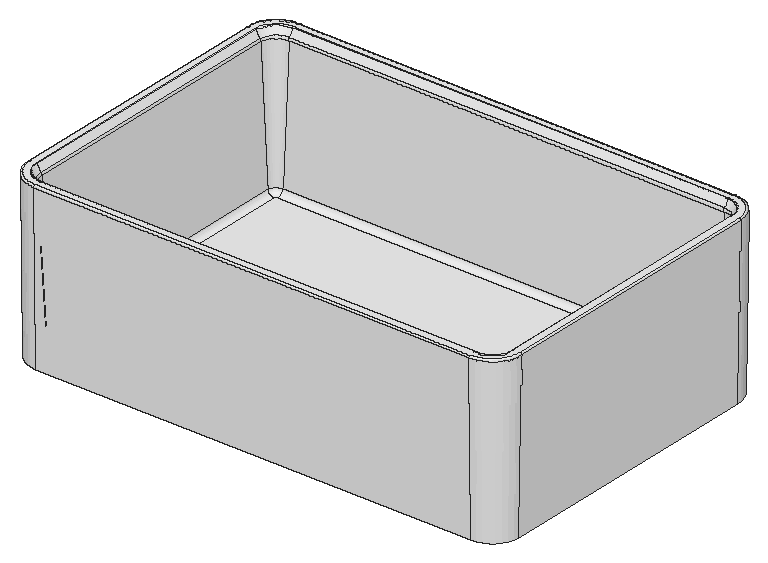
Revit family "Sink-American_Standard-Avery-1180SB3020.291", category Plumbing Fixtures, Revit 2014
Parameters (values of type "1180SB3020.291")
  Width = 29 3/4"  # constant formula
  Waste Connection Width = 6 1/4"
  Waste Connection Radius = Waste Connection Diameter / 2  # 3/4"
  Waste Connection Offset = 6 1/4"  # constant formula
  Waste Connection Diameter = 1 1/2"
  Waste Connection = 1 < 2  # yes
  Warranty Information = "5 Year Limited Warranty, 1 Year Warranty on Accessories"
  WFU = 4  # constant formula
  Vent Connection = no
  Undermount Installation = no
  URL = "https://www.americanstandard-us.com/"
  Type Comments = "33\" (838mm) cabinet required"
  Topmount Installation = not(Undermount Installation)  # yes
  Sink Offset [instance] = 2"
  Product Page URL = ""
  Product Documentation Link = ""
  Price = "Prices may vary. Please consult Manufacturer Representative for most up-to-date price list."  # constant formula
  Mounting Height [instance] = if(Topmount Installation, Counter Thickness + Height, 0")  # 11"
  Model = "1180SB3020.291"
  Material = "Fine Fire Clay-American Standard-291-Alabaster White"
  Manufacturer = "American Standard"  # constant formula
  Length = 20"  # constant formula
  Installation Type = "Dual Mount"  # constant formula
  Hot Water Connection Width = 4"
  Hot Water Connection Radius = Hot Water Connection Diameter / 2  # 1/4"
  Hot Water Connection Diameter = 1/2"
  Height = 10"  # constant formula
  HWFU = 3  # constant formula
  HW Connection = 1 < 2  # yes
  Finish = Fine Fire Clay-American Standard-291-Alabaster White
  Description = "Avery Single Bowl Apron Kitchen Sink"  # constant formula
  Default Elevation = 34"  # constant formula
  Creation Date = "02/06/2019"  # constant formula
  Counter Thickness [instance] = 1"
  Cold Water Connection Width = 4"
  Cold Water Connection Radius = 1/4"
  Cold Water Connection Diameter = Cold Water Connection Radius * 2  # 1/2"
  CWFU = 3  # constant formula
  CW Connection = 1 < 2  # yes
  Bowl Width = 28 3/16"  # constant formula
  Bowl Length = 18 7/16"  # constant formula
  Basin Shape = "Rectangular"  # constant formula
  Assembly Code = "D2010410"
  ADA Compliant = yes
Reference planes (in)
  plane 1 "Center (Front/Back)": y = 0
  plane 2: z = 0
  plane 3 "Center (Left/Right)": x = 0
  plane 4: x = -14.875
  plane 5: x = 14.875
  plane 6: y = -2
  plane 7: z = -1
  plane 8: z = 0
  plane 9 "Here": z = 10
  plane 10: y = -2.78125
  plane 11: x = 8.625
  plane 12: x = -14.09375
  plane 13: x = 14.09375
  plane 14: y = -8.25
  plane 15: z = -12.75
  plane 16: z = -14
  plane 17: x = -4
  plane 18: x = 4
  plane 19: z = 1.25
  plane 20: y = -21.21875
  plane 21: y = -22
  plane 22: y = -12
Forms (in)
  Extrusion 1, solid, not visible
    sketch origin (0, 0, 0) x (1, 0, 0) y (0, 0, 1)
      loop
        circle (-4, -12.75) r 0.25
      loop
        circle (4, -12.75) r 0.25
      loop
        circle (0, -14) r 0.75
    from 0 to 0.0625
  Sweep 2, solid, material "Fine Fire Clay-American Standard-291-Alabaster White" <- "Finish"
    path origin (0, 0, 0) x (1, 0, 0) y (0, 1, 0)
      loop
        arc (-13.125, -2) -> (-14.36244, -2.51256) -> (-14.875, -3.75) r 1.75
        line (-14.875, -3.75) -> (-14.875, -20.25)
        arc (-14.875, -20.25) -> (-14.36244, -21.48744) -> (-13.125, -22) r 1.75
        line (-13.125, -22) -> (13.125, -22)
        arc (13.125, -22) -> (14.36244, -21.48744) -> (14.875, -20.25) r 1.75
        line (14.875, -20.25) -> (14.875, -3.75)
        arc (14.875, -3.75) -> (14.36244, -2.51256) -> (13.125, -2) r 1.75
        line (13.125, -2) -> (-13.125, -2)
    profile origin (-14.875, -12, 0) x (-1, 0, 0) y (0, 0, 1)
      loop
        arc (-0.75547, 9.55647) -> (-0.78699, 9.47946) -> (-0.80076, 9.39739) r 0.375
        line (-0.80076, 9.39739) -> (-1.23014, 1.60437)
        arc (-1.23014, 1.60437) -> (-1.3468, 1.35264) -> (-1.60457, 1.25) r 0.375
        line (-1.60457, 1.25) -> (-1.65619, 1.25) -> (-1.65619, 0) -> (-0.13887, 0) -> (-0.00141, 9.89822)
        arc (-0.00141, 9.89822) -> (-0.03032, 9.9701) -> (-0.10179, 10) r 0.10039
        line (-0.10179, 10) -> (-0.4897, 10)
        arc (-0.4897, 10) -> (-0.51, 9.99443) -> (-0.52461, 9.97929) r 0.03978
        line (-0.52461, 9.97929) -> (-0.75547, 9.55647)
  Extrusion 3, solid, material "Fine Fire Clay-American Standard-291-Alabaster White" <- "Finish"
    sketch origin (0, 0, 0) x (1, 0, 0) y (0, 1, 0)
      loop
        line (-13.125, -20.34381) -> (13.125, -20.34381)
        arc (13.125, -20.34381) -> (13.19134, -20.31634) -> (13.21881, -20.25) r 0.09381
        line (13.21881, -20.25) -> (13.21881, -3.75)
        arc (13.21881, -3.75) -> (13.19134, -3.68366) -> (13.125, -3.65619) r 0.09381
        line (13.125, -3.65619) -> (-13.125, -3.65619)
        arc (-13.125, -3.65619) -> (-13.19134, -3.68366) -> (-13.21881, -3.75) r 0.09381
        line (-13.21881, -3.75) -> (-13.21881, -20.25)
        arc (-13.21881, -20.25) -> (-13.19134, -20.31634) -> (-13.125, -20.34381) r 0.09381
      loop
        circle (8.625, -8.25) r 1.75
    from 0 to 1.25
  Extrusion 4, void
    sketch origin (0, 0, 0) x (1, 0, 0) y (0, 1, 0)
      loop
        arc (-13.30528, -2.78125) -> (-13.86281, -3.01219) -> (-14.09375, -3.56972) r 0.78847
        line (-14.09375, -3.56972) -> (-14.09375, -20.42969)
        arc (-14.09375, -20.42969) -> (-13.86264, -20.98764) -> (-13.30469, -21.21875) r 0.78906
        line (-13.30469, -21.21875) -> (13.30469, -21.21875)
        arc (13.30469, -21.21875) -> (13.86264, -20.98764) -> (14.09375, -20.42969) r 0.78906
        line (14.09375, -20.42969) -> (14.09375, -3.57031)
        arc (14.09375, -3.57031) -> (13.86264, -3.01236) -> (13.30469, -2.78125) r 0.78906
        line (13.30469, -2.78125) -> (-13.30528, -2.78125)
    from -1 to 0
Cuts and joins
  joined: Sweep 2, Extrusion 3
Lines and regions (in)
  Masking region 1
    outline origin (0, 0, 0) x (1, 0, 0) y (0, 1, 0)
      loop
        arc (-13.125, -2) -> (-14.36244, -2.51256) -> (-14.875, -3.75) r 1.75
        line (-14.875, -3.75) -> (-14.875, -20.25)
        arc (-14.875, -20.25) -> (-14.36244, -21.48744) -> (-13.125, -22) r 1.75
        line (-13.125, -22) -> (13.125, -22)
        arc (13.125, -22) -> (14.36244, -21.48744) -> (14.875, -20.25) r 1.75
        line (14.875, -20.25) -> (14.875, -3.75)
        arc (14.875, -3.75) -> (14.36244, -2.51256) -> (13.125, -2) r 1.75
        line (13.125, -2) -> (-13.125, -2)
  symbolic lines, detail levels fine
    curve 1: circle (8.625, -8.25, 0) r 1.75 normal (0, 0, 1)
  symbolic lines, detail levels medium+fine
    curve 2: line (-13.34375, -2.78125, 0) -> (13.34375, -2.78125, 0)
    curve 3: line (-14.09375, -20.46875, 0) -> (-14.09375, -3.53125, 0)
    curve 4: line (13.34375, -21.21875, 0) -> (-13.34375, -21.21875, 0)
    curve 5: line (14.09375, -3.53125, 0) -> (14.09375, -20.46875, 0)
    curve 6: arc (-14.09375, -3.53125, 0) -> (-13.87408, -3.00092, 0) -> (-13.34375, -2.78125, 0) r 0.75
    curve 7: arc (-13.34375, -21.21875, 0) -> (-13.87408, -20.99908, 0) -> (-14.09375, -20.46875, 0) r 0.75
    curve 8: arc (13.34375, -21.21875, 0) -> (13.87408, -20.99908, 0) -> (14.09375, -20.46875, 0) r 0.75
    curve 9: arc (13.34375, -2.78125, 0) -> (13.87408, -3.00092, 0) -> (14.09375, -3.53125, 0) r 0.75
Dimensions and locks (in)
  equal spacing: plane 4, plane 3 "Center (Left/Right)", plane 5
  "Sink Offset": plane 1 "Center (Front/Back)" to plane 6
  "Width": plane 4 to plane 5
  "Counter Thickness": level to plane 7
  "Mounting Height": plane 9 "Here" to plane 7
  "Height": plane 9 "Here" to plane 8
  "Waste Connection Width": plane 11 to plane 5
  "Waste Connection Offset": plane 6 to plane 14
  locked: level to plane 15 at 12.75
  locked: level to plane 16 at 14
  "Hot Water Connection Width": plane 17 to plane 3 "Center (Left/Right)"
  "Cold Water Connection Width": plane 18 to plane 3 "Center (Left/Right)"
  locked: plane 19 to plane 8 at 1.25
  equal spacing: plane 12, plane 3 "Center (Left/Right)", plane 13
  "Bowl Width": plane 12 to plane 13
  equal spacing: plane 6, plane 22, plane 21
  "Length": plane 6 to plane 21
  equal spacing: plane 20, plane 22, plane 10
  "Bowl Length": plane 20 to plane 10
  locked: plane 12 to Sweep 2 sketch curve at 0.01951
  locked: plane 12 to Sweep 2 sketch curve at 0.44889
  "Hot Water Connection Diameter": diameter of Extrusion 1 sketch curve
  "Cold Water Connection Diameter": diameter of Extrusion 1 sketch curve
  "Waste Connection Diameter": diameter of Extrusion 1 sketch curve
  radius of Sweep 2 sketch curve = 1 3/4"  (x4)
  radius of Sweep 2 sketch curve = 0.03978"
  radius of Sweep 2 sketch curve = 0.10039"
  radius of Extrusion 3 sketch curve = 1 3/4"
  radius of Extrusion 4 sketch curve = 0.78847"
  radius of Extrusion 4 sketch curve = 101/128"  (x3)
  radius of Sweep 2 sketch curve = 3/8"  (x2)
  radius of Masking region 1 sketch curve = 1 3/4"  (x4)
  radius of curve 6 = 3/4"
  radius of curve 7 = 3/4"
  radius of curve 8 = 3/4"
  radius of curve 9 = 3/4"
  aligned and locked: plane 15 to Extrusion 1 sketch curve  (x2)
  aligned and locked: Extrusion 1 sketch curve to plane 18
  aligned and locked: plane 17 to Extrusion 1 sketch curve
  aligned and locked: plane 16 to Extrusion 1 sketch curve
  aligned and locked: plane 3 "Center (Left/Right)" to Extrusion 1 sketch curve
  aligned and locked: Sweep 2 sketch curve to plane 6
  aligned and locked: plane 4 to Sweep 2 sketch curve
  aligned and locked: Sweep 2 sketch curve to plane 21
  aligned and locked: plane 5 to Sweep 2 sketch curve
  aligned and locked: Sweep 2 sketch curve to plane 19
  aligned and locked: plane 8 to Sweep 2 sketch curve
  aligned and locked: Sweep 2 sketch curve to plane 9 "Here"
  aligned and locked: Extrusion 3 sketch curve to cut or joined group of Sweep 2, Extrusion 3  (x4)
  aligned and locked: plane 11 to Extrusion 3 sketch curve
  aligned and locked: plane 14 to Extrusion 3 sketch curve
  aligned and locked: Extrusion 3 to plane 19
  aligned and locked: plane 8 to Extrusion 3
  aligned and locked: plane 10 to Extrusion 4 sketch curve
  aligned and locked: Extrusion 4 sketch curve to plane 12
  aligned and locked: Extrusion 4 sketch curve to plane 20
  aligned and locked: Extrusion 4 sketch curve to plane 13
  aligned and locked: plane 7 to Extrusion 4
  aligned and locked: level to Extrusion 4
  aligned and locked: Masking region 1 sketch curve to plane 6
  aligned and locked: plane 4 to Masking region 1 sketch curve
  aligned and locked: Masking region 1 sketch curve to plane 21
  aligned and locked: plane 5 to Masking region 1 sketch curve
  aligned and locked: plane 10 to curve 2
  aligned and locked: curve 3 to plane 12
  aligned and locked: curve 4 to plane 20
  aligned and locked: curve 5 to plane 13
  aligned and locked: curve 1 to cut or joined group of Sweep 2, Extrusion 3
Automatic sketch dimensions
  Sweep 2 sketch curve to Sweep 2 sketch curve = 0.05162"
  Sweep 2 sketch curve to Sweep 2 sketch curve = 0.0453"
  Sweep 2 sketch curve to Sweep 2 sketch curve = 0.23086"
  Sweep 2 sketch curve to Sweep 2 sketch curve = 0.03491"
  Sweep 2 sketch curve to Sweep 2 sketch curve = 0.37443"
  profile plane to Sweep 2 sketch curve = 0.13887"
  profile plane to Sweep 2 sketch curve = 0.10179"
  profile plane to Sweep 2 sketch curve = 0.00141"
  Sweep 2 sketch curve to Sweep 2 sketch curve = 0.35437"
  Sweep 2 sketch curve to Sweep 2 sketch curve = 0.58346"
Connectors (in)
  piping at (-4, 0, -12.75), diameter 0.5, driven by "HWFU", driven by "Hot Water Connection Diameter"
    settings: on Extrusion 1, index 1, connector inside diameter 24", connector length 0", flow factor 0, pipe flow 0 GPM, pressure drop 0.00 psi, fitting loss kfactor 0, connector angle 0.00°, fixture units 3, engagement length 0", angle of deflection 0.00°, flow configuration 3, flow direction 1, fitting loss method 0, system type 19, joint type 0, gender type 0, connector reference index -1, connector utility 0, adjustable connector no, is connector primary yes, connector description "1/2\" HW Inlet"
  piping at (0, 0, -14), diameter 1.5, driven by "WFU", driven by "Waste Connection Diameter"
    settings: on Extrusion 1, index 2, connector inside diameter 24", connector length 0", flow factor 0, pipe flow 0 GPM, pressure drop 0.00 psi, fitting loss kfactor 0, connector angle 0.00°, fixture units 4, engagement length 0", angle of deflection 0.00°, flow configuration 3, flow direction 2, fitting loss method 0, system type 16, joint type 0, gender type 0, connector reference index -1, connector utility 0, adjustable connector yes, is connector primary no, connector description "1-1/2\" Waste Outlet"
  piping at (4, 0, -12.75), diameter 0.5, driven by "CWFU", driven by "Cold Water Connection Diameter"
    settings: on Extrusion 1, index 3, connector inside diameter 24", connector length 0", flow factor 0, pipe flow 0 GPM, pressure drop 0.00 psi, fitting loss kfactor 0, connector angle 0.00°, fixture units 3, engagement length 0", angle of deflection 0.00°, flow configuration 3, flow direction 1, fitting loss method 0, system type 20, joint type 0, gender type 0, connector reference index -1, connector utility 0, adjustable connector no, is connector primary no, connector description "1/2\" CW Inlet"
